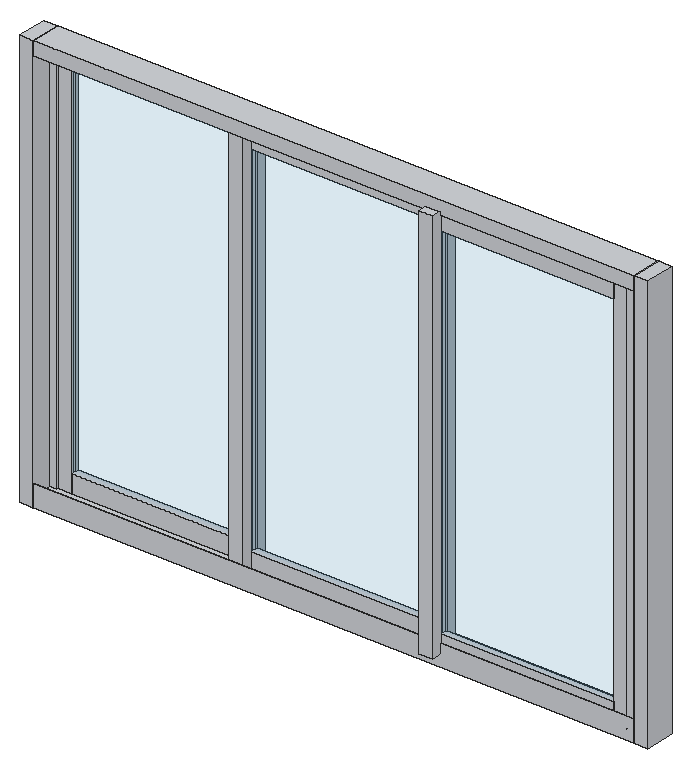
Revit family "Altitude® Sliding Window_SG&DG-OXX_XXO", category Windows, host Wall, Revit 2021 (continued)
Definition of nested family "DG Panel 1_APT42 APT19 APT20"
  Dimensions and locks
    aligned and locked: Extrusion 2 sketch curve to nested 1  (x12)
    aligned and locked: Extrusion 2 to plane 12
    aligned and locked: plane 5 to Extrusion 2
    aligned and locked: plane 12 to nested 2
    aligned and locked: plane 1 "Center (Front/Back)" to nested 2
    aligned and locked: plane 5 to nested 3
    aligned and locked: plane 1 "Center (Front/Back)" to nested 3
    aligned and locked: plane 8 to nested 5
    aligned and locked: nested 5 to plane 1 "Center (Front/Back)"
    aligned and locked: nested 4 to level
    aligned and locked: plane 1 "Center (Front/Back)" to nested 4
    aligned and locked: Masking region 2 sketch curve to nested 2  (x12)
    aligned and locked: Masking region 2 sketch curve to nested 3  (x12)
    aligned and locked: Extrusion 3 sketch curve to nested 2  (x12)
    aligned and locked: Extrusion 3 sketch curve to nested 3  (x12)
    aligned and locked: Masking region 3 sketch curve to nested 4  (x7)
    aligned and locked: Masking region 3 sketch curve to nested 5  (x7)
    aligned and locked: Extrusion 4 sketch curve to nested 5  (x4)
    aligned and locked: Extrusion 4 sketch curve to nested 4  (x4)
    aligned and locked: Extrusion 3 to level
    aligned and locked: plane 8 to Extrusion 3
    aligned and locked: Extrusion 4 to plane 12
    aligned and locked: plane 5 to Extrusion 4
  Automatic sketch dimensions
    Extrusion 1 sketch curve to plane 12 = 12.00 mm
    Extrusion 1 sketch curve to Extrusion 1 sketch curve = 1108.495 mm
    Masking region 1 sketch curve to plane 19 = 0.50 mm  (x2)
    plane 17 to Masking region 1 sketch curve = 5.50 mm
    plane 16 to Masking region 1 sketch curve = 0.50 mm
    Masking region 2 sketch curve to plane 4 = 0.00 mm
    Masking region 2 sketch curve to plane 12 = 0.00 mm  (x2)
    Masking region 2 sketch curve to plane 19 = 8.40 mm
    Masking region 2 sketch curve to plane 19 = 3.50 mm  (x2)
    plane 4 to Masking region 2 sketch curve = 25.00 mm  (x2)
    plane 16 to Masking region 2 sketch curve = 8.40 mm
    plane 19 to Masking region 2 sketch curve = 1.007 mm
    Masking region 2 sketch curve to plane 6 = 2.205 mm
    Masking region 2 sketch curve to plane 16 = 1.007 mm
    plane 16 to Masking region 2 sketch curve = 3.50 mm
    Masking region 2 sketch curve to plane 5 = 0.00 mm  (x2)
    Masking region 2 sketch curve to plane 13 = 0.00 mm
    plane 7 to Masking region 2 sketch curve = 2.20 mm
    plane 7 to Masking region 2 sketch curve = 6.10 mm
    Masking region 2 sketch curve to Masking region 2 sketch curve = 9.70 mm
    Masking region 2 sketch curve to plane 19 = 6.069 mm
    Masking region 2 sketch curve to Masking region 2 sketch curve = 4.458 mm
    Masking region 2 sketch curve to plane 19 = 1.90 mm
    plane 16 to Masking region 2 sketch curve = 1.899 mm
    Masking region 2 sketch curve to Masking region 2 sketch curve = 1.60 mm
    Extrusion 3 sketch curve to plane 4 = 0.00 mm
    Extrusion 3 sketch curve to plane 12 = 0.00 mm  (x2)
    Extrusion 3 sketch curve to plane 19 = 8.40 mm
    Extrusion 3 sketch curve to plane 19 = 3.50 mm  (x2)
    plane 4 to Extrusion 3 sketch curve = 25.00 mm  (x2)
    plane 16 to Extrusion 3 sketch curve = 8.40 mm
    plane 19 to Extrusion 3 sketch curve = 1.007 mm
    Extrusion 3 sketch curve to plane 6 = 2.205 mm
    Extrusion 3 sketch curve to plane 16 = 1.007 mm
    plane 16 to Extrusion 3 sketch curve = 3.50 mm
    Extrusion 3 sketch curve to plane 5 = 0.00 mm  (x2)
    Extrusion 3 sketch curve to plane 13 = 0.00 mm
    plane 7 to Extrusion 3 sketch curve = 2.20 mm
    plane 7 to Extrusion 3 sketch curve = 6.10 mm
    Extrusion 3 sketch curve to Extrusion 3 sketch curve = 9.70 mm
    Extrusion 3 sketch curve to plane 19 = 6.069 mm
    Extrusion 3 sketch curve to Extrusion 3 sketch curve = 4.458 mm
    Extrusion 3 sketch curve to plane 19 = 1.90 mm
    plane 16 to Extrusion 3 sketch curve = 1.899 mm
    Extrusion 3 sketch curve to Extrusion 3 sketch curve = 1.60 mm
    Masking region 3 sketch curve to plane 10 = 0.00 mm
    Masking region 3 sketch curve to plane 9 = 0.00 mm
  Nested families
    nested 1: "DG Midrail_SE12 SE16" at (0, 0, 612.819) x (0, -1, 0) z (1, 0, 0), type "DG Midrail_SE12 SE16", detail levels fine
    nested 2: "Jamb APT42 APT19" at (-529.495, 0, 0), type "Jamb APT42 APT19", detail levels fine
    nested 3: "Jamb APT20" at (555, 0, 0), type "Jamb APT20", detail levels fine
    nested 4: "Head & Sill APT25" at (0, 0, 60) x (0, -1, 0) z (1, 0, 0), type "Head & Sill APT25", detail levels fine
    nested 5: "Head & Sill APT25" at (0, 0, 1140) x (0, 1, 0) z (1, 0, 0), type "Head & Sill APT25", detail levels fine
  Definition of nested family "DG Midrail_SE12 SE16"
    Reference planes
      plane 1 "Center (Front/Back)": y = 0
      plane 2: z = 0
      plane 3 "Center (Left/Right)": x = 0
      plane 4: y = 26.068
      plane 5: y = -25.933
      plane 6: x = 22.4
      plane 7: x = -22.4
    Dimensions and locks
      aligned and locked: plane 3 "Center (Left/Right)" to import instance
      aligned and locked: plane 1 "Center (Front/Back)" to import instance
      aligned and locked: plane 7 to import instance
      aligned and locked: plane 6 to import instance
      aligned and locked: plane 5 to import instance
      aligned and locked: plane 4 to import instance
  Definition of nested family "Jamb APT42 APT19"
    Reference planes
      plane 1 "Center (Front/Back)": y = 0
      plane 2: z = 0
      plane 3 "Center (Left/Right)": x = 0
      plane 4: x = -14.205
      plane 5: x = -70.505
    Dimensions and locks
      aligned and locked: plane 1 "Center (Front/Back)" to import instance
      aligned and locked: plane 3 "Center (Left/Right)" to import instance
      aligned and locked: plane 5 to import instance
      aligned and locked: plane 4 to import instance
  Definition of nested family "Jamb APT20"
    Reference planes
      plane 1 "Center (Front/Back)": y = 0
      plane 2: z = 0
      plane 3 "Center (Left/Right)": x = 0
      plane 4: x = 14.2
    Dimensions and locks
      aligned and locked: plane 1 "Center (Front/Back)" to import instance
      aligned and locked: import instance to plane 3 "Center (Left/Right)"
      aligned and locked: plane 4 to import instance
  Definition of nested family "Head & Sill APT25"
    Reference planes
      plane 1 "Center (Front/Back)": y = 0
      plane 2: z = 0
      plane 3 "Center (Left/Right)": x = 0
      plane 4: y = 14.2
      plane 5: y = 60
    Dimensions and locks
      aligned and locked: plane 1 "Center (Front/Back)" to import instance
      aligned and locked: plane 3 "Center (Left/Right)" to import instance
      aligned and locked: plane 4 to import instance
Definition of nested family "DG Panel 3_APT42 APT20 APT21"
  Parameters (values of type "DG Panel 3_APT42 APT20 APT21")
    YEAR = "2022"  # constant formula
    Width = 0.00 mm  # constant formula
    Thickness Control [instance] = if(Double Glazing Thickness > 28.00 mm, 28.00 mm, if(Double Glazing Thickness < 18.00 mm, 18.00 mm, Double Glazing Thickness))  # 18.00 mm
    Thickness = 0.00 mm  # constant formula
    TODAYS DATE = "12/05/2022"  # constant formula
    Sill Off = 108.00 mm  # constant formula
    Sill = 120.00 mm  # constant formula
    Sash Width [instance] = 848.998 mm
    Sash Material [instance] = none
    Rough Width = 0.00 mm  # constant formula
    Rough Height = 0.00 mm  # constant formula
    Off DG Head and Sill = 12.00 mm  # constant formula
    Midrail Height [instance] = 500.00 mm
    Midrail [instance] = yes
    Height [instance] = 1200.00 mm
    Head Off = 68.00 mm  # constant formula
    Head & Sill DG Depth = 93.00 mm  # constant formula
    Head = 80.00 mm  # constant formula
    Glazing Material [instance] = none
    Double Glazing Thickness [instance] = 18.00 mm
    Double Glazed [instance] = no
    Define Thermal Properties by = 1
    Default Elevation = 1219.20 mm
    DG Off = 11.00 mm  # constant formula
    DG Jamb Width = 75.00 mm  # constant formula
    CREATOR = "Viraj Mhatre"  # constant formula
    COMPANY = "ALSPEC"  # constant formula
    Analytic Construction = "<None>"
    Air Pocket [instance] = 8.00 mm  # constant formula
  Reference planes
    plane 1 "Center (Front/Back)": y = 0
    plane 2: z = 0
    plane 3 "Center (Left/Right)": x = 0
    plane 4: x = -424.499
    plane 5: x = 379.499
    plane 6: x = -391.495
    plane 7: x = 391.499
    plane 8: z = 1200
    plane 9: z = 1140
    plane 10: z = 60
    plane 11: z = 900
    plane 12: x = -379.495
    plane 13: x = 424.499
    plane 14: z = 47
    plane 15: z = 1153
    plane 16: y = 9
    plane 17: y = 4
    plane 18: y = -4
    plane 19: y = -9
    plane 20: z = 500
  Forms (mm)
    Extrusion 1, solid, material <- "Glazing Material"
      sketch origin (0, 0, 0) x (1, 0, 0) y (0, 1, 0)
        loop
          line (-391.495, 9) -> (-391.495, 4) -> (391.499, 4) -> (391.499, 9) -> (-391.495, 9)
        loop
          line (-391.495, -4) -> (-391.495, -9) -> (391.499, -9) -> (391.499, -4) -> (-391.495, -4)
      from 47 to 1153
    Extrusion 2, solid, material <- "Sash Material", visible <- "Midrail"
      sketch origin (0, 0, 0) x (0, 1, 0) y (0, 0, 1)
        loop
          line (9.5, 525.933) -> (9.5, 518.932) -> (-9.182, 518.932) -> (-9.182, 525.933) -> (-22.4, 525.933) -> (-22.4, 473.932) -> (-9.5, 473.932) -> (-9.5, 480.932) -> (9.694, 480.932) -> (9.694, 474.067) -> (22.4, 474.067) -> (22.4, 525.933) -> (9.5, 525.933)
      from -379.495 to 379.499
    Extrusion 3, solid, material <- "Sash Material"
      sketch origin (0, 0, 0) x (0, 1, 0) y (0, 0, 1)
        loop
          line (12.5, 1200) -> (-12.5, 1200) -> (-12.5, 1140) -> (12.5, 1140) -> (12.5, 1200)
        loop
          line (12.5, 60) -> (-12.5, 60) -> (-12.5, 0) -> (12.5, 0) -> (12.5, 60)
      from -379.495 to 379.499
    Extrusion 4, solid, material <- "Sash Material"
      sketch origin (0, 0, 0) x (1, 0, 0) y (0, 1, 0)
        loop
          line (397.599, -19.506) -> (424.504, -19.506) -> (424.504, 45.514) -> (379.499, 45.514) -> (379.499, 10.914) -> (393.704, 10.914) -> (393.704, -10.886) -> (379.499, -10.886) -> (379.499, -12.486) -> (397.599, -12.486) -> (397.599, -19.506)
        loop
          line (-424.495, -12.499) -> (-379.495, -12.499) -> (-379.495, -10.899) -> (-393.695, -10.899) -> (-393.695, 10.9) -> (-379.495, 10.9) -> (-379.495, 12.5) -> (-407.295, 12.5) -> (-407.295, 15.069) -> (-397.595, 15.069) -> (-397.595, 19.528) -> (-424.495, 19.528) -> (-424.495, -12.499)
      from 0 to 1200
  Lines and regions (mm)
    Masking region 1
      outline origin (0, 0, 0) x (0, 1, 0) y (0, 0, 1)
        loop
          line (-22.4, 525.933) -> (-22.4, 473.932) -> (-9.5, 473.932) -> (-9.5, 480.932) -> (9.5, 480.932) -> (9.5, 473.932) -> (22.4, 473.932) -> (22.4, 525.933) -> (9.5, 525.933) -> (9.5, 518.932) -> (-9.5, 518.932) -> (-9.5, 525.933) -> (-22.4, 525.933)
    Masking region 2
      outline origin (0, 0, 0) x (1, 0, 0) y (0, 1, 0)
        loop
          line (397.599, -19.506) -> (424.504, -19.506) -> (424.504, 45.514) -> (379.499, 45.514) -> (379.499, 10.914) -> (393.704, 10.914) -> (393.704, -10.886) -> (379.499, -10.886) -> (379.499, -12.486) -> (397.599, -12.486) -> (397.599, -19.506)
        loop
          line (-424.495, -12.499) -> (-379.495, -12.499) -> (-379.495, -10.899) -> (-393.695, -10.899) -> (-393.695, 10.9) -> (-379.495, 10.9) -> (-379.495, 12.5) -> (-407.295, 12.5) -> (-407.295, 15.069) -> (-397.595, 15.069) -> (-397.595, 19.528) -> (-424.495, 19.528) -> (-424.495, -12.499)
    Masking region 3
      outline origin (0, 0, 0) x (0, 1, 0) y (0, 0, 1)
        loop
          line (-12.5, 0) -> (12.5, 0) -> (12.5, 60) -> (9.25, 60) -> (9.25, 47) -> (-9.25, 47) -> (-9.25, 60) -> (-12.5, 60) -> (-12.5, 0)
        loop
          line (12.5, 1200) -> (-12.5, 1200) -> (-12.5, 1140) -> (-9.25, 1140) -> (-9.25, 1153) -> (9.25, 1153) -> (9.25, 1140) -> (12.5, 1140) -> (12.5, 1200)
  Dimensions and locks
    equal spacing: plane 16, plane 1 "Center (Front/Back)", plane 19
    "Thickness Control": plane 16 to plane 19
    equal spacing: plane 17, plane 1 "Center (Front/Back)", plane 18
    "Air Pocket": plane 17 to plane 18
    "Midrail Height": plane 20 to level
    locked: plane 6 to plane 12 at 12
    locked: plane 5 to plane 7 at 12
    equal spacing: plane 4, plane 3 "Center (Left/Right)", plane 13
    "Sash Width": plane 4 to plane 13
    "Height": plane 8 to plane 2
    locked: plane 7 to plane 13 at 33
    locked: plane 14 to level at 47
    locked: plane 10 to plane 14 at 13
    plane 8 to plane 15 to plane 9 = 47.00 mm locked, 13.00 mm locked
    locked: plane 4 to plane 6 at 33.004
    aligned and locked: level to plane 2
    aligned and locked: Extrusion 1 sketch curve to plane 16
    aligned and locked: Extrusion 1 sketch curve to plane 17
    aligned and locked: Extrusion 1 sketch curve to plane 18
    aligned and locked: Extrusion 1 sketch curve to plane 19
    aligned and locked: Extrusion 1 sketch curve to Extrusion 1 sketch curve  (x2)
    aligned and locked: Extrusion 1 to plane 6
    aligned and locked: plane 7 to Extrusion 1
    aligned and locked: Extrusion 1 to plane 14
    aligned and locked: plane 15 to Extrusion 1
    aligned and locked: plane 20 to nested 1
    aligned and locked: plane 1 "Center (Front/Back)" to nested 1
    aligned and locked: Masking region 1 sketch curve to nested 1  (x6)
    aligned and locked: nested 1 to Masking region 1 sketch curve  (x2)
    aligned and locked: Extrusion 2 sketch curve to nested 1  (x12)
    aligned and locked: Extrusion 2 to plane 12
    aligned and locked: plane 5 to Extrusion 2
    aligned and locked: plane 8 to nested 3
    aligned and locked: nested 3 to plane 1 "Center (Front/Back)"
    aligned and locked: nested 2 to level
    aligned and locked: plane 1 "Center (Front/Back)" to nested 2
    aligned and locked: Masking region 3 sketch curve to nested 2  (x7)
    aligned and locked: Masking region 3 sketch curve to nested 3  (x7)
    aligned and locked: Extrusion 3 sketch curve to nested 3  (x4)
    aligned and locked: Extrusion 3 sketch curve to nested 2  (x4)
    aligned and locked: Extrusion 3 to plane 12
    aligned and locked: plane 5 to Extrusion 3
    aligned and locked: nested 4 to plane 5
    aligned and locked: nested 4 to plane 1 "Center (Front/Back)"
    aligned and locked: Masking region 2 sketch curve to nested 4  (x10)
    aligned and locked: Extrusion 4 sketch curve to nested 4  (x10)
    aligned and locked: Extrusion 4 to level
    aligned and locked: plane 8 to Extrusion 4
    aligned and locked: nested 5 to plane 12
    aligned and locked: nested 5 to plane 1 "Center (Front/Back)"
    aligned and locked: Masking region 2 sketch curve to nested 5  (x12)
    aligned and locked: Extrusion 4 sketch curve to nested 5  (x12)
  Automatic sketch dimensions
    Extrusion 1 sketch curve to plane 12 = 12.00 mm
    Extrusion 1 sketch curve to Extrusion 1 sketch curve = 782.994 mm
    Masking region 1 sketch curve to plane 19 = 0.50 mm  (x2)
    plane 17 to Masking region 1 sketch curve = 5.50 mm
    plane 16 to Masking region 1 sketch curve = 0.50 mm
    Masking region 3 sketch curve to plane 10 = 0.00 mm
    Masking region 3 sketch curve to plane 9 = 0.00 mm
    Masking region 2 sketch curve to plane 5 = 0.00 mm  (x2)
    plane 7 to Masking region 2 sketch curve = 2.205 mm
    Masking region 2 sketch curve to Masking region 2 sketch curve = 3.895 mm
    plane 13 to Masking region 2 sketch curve = 0.005 mm
    Masking region 2 sketch curve to plane 19 = 10.506 mm
    Masking region 2 sketch curve to Masking region 2 sketch curve = 1.60 mm
    Masking region 2 sketch curve to plane 19 = 1.886 mm
    plane 16 to Masking region 2 sketch curve = 1.914 mm
    plane 16 to Masking region 2 sketch curve = 36.514 mm
    Extrusion 4 sketch curve to plane 5 = 0.00 mm  (x2)
    plane 7 to Extrusion 4 sketch curve = 2.205 mm
    Extrusion 4 sketch curve to Extrusion 4 sketch curve = 3.895 mm
    plane 13 to Extrusion 4 sketch curve = 0.005 mm
    Extrusion 4 sketch curve to plane 19 = 10.506 mm
    Extrusion 4 sketch curve to Extrusion 4 sketch curve = 1.60 mm
    Extrusion 4 sketch curve to plane 19 = 1.886 mm
    plane 16 to Extrusion 4 sketch curve = 1.914 mm
    plane 16 to Extrusion 4 sketch curve = 36.514 mm
    Masking region 2 sketch curve to plane 12 = 0.00 mm  (x2)
    Masking region 2 sketch curve to plane 6 = 2.20 mm
    Masking region 2 sketch curve to plane 6 = 6.10 mm
    plane 16 to Masking region 2 sketch curve = 3.50 mm
    Masking region 2 sketch curve to Masking region 2 sketch curve = 9.70 mm
    plane 4 to Masking region 2 sketch curve = 0.004 mm
    Masking region 2 sketch curve to plane 19 = 3.499 mm
    Masking region 2 sketch curve to plane 19 = 1.899 mm
    plane 16 to Masking region 2 sketch curve = 1.90 mm
    Masking region 2 sketch curve to Masking region 2 sketch curve = 4.169 mm
    plane 16 to Masking region 2 sketch curve = 10.528 mm
    Extrusion 4 sketch curve to plane 12 = 0.00 mm  (x2)
    Extrusion 4 sketch curve to plane 6 = 2.20 mm
    Extrusion 4 sketch curve to plane 6 = 6.10 mm
    plane 16 to Extrusion 4 sketch curve = 3.50 mm
    Extrusion 4 sketch curve to Extrusion 4 sketch curve = 9.70 mm
    plane 4 to Extrusion 4 sketch curve = 0.004 mm
    Extrusion 4 sketch curve to plane 19 = 3.499 mm
    Extrusion 4 sketch curve to plane 19 = 1.899 mm
    plane 16 to Extrusion 4 sketch curve = 1.90 mm
    Extrusion 4 sketch curve to Extrusion 4 sketch curve = 4.169 mm
    plane 16 to Extrusion 4 sketch curve = 10.528 mm
  Nested families
    nested 1: "DG Midrail_SE12 SE16" at (0, 0, 500) x (0, -1, 0) z (1, 0, 0), type "DG Midrail_SE12 SE16", detail levels fine
    nested 2: "Head & Sill APT25" at (0, 0, 60) x (0, -1, 0) z (1, 0, 0), type "Head & Sill APT25", detail levels fine
    nested 3: "Head & Sill APT25" at (0, 0, 1140) x (0, 1, 0) z (1, 0, 0), type "Head & Sill APT25", detail levels fine
    nested 4: "Jamb APT21" at (379.499, 0, 0) x (-1, 0, 0) z (0, 0, 1), type "Jamb APT21", detail levels fine
    nested 5: "Jamb APT20" at (-379.495, 0, 0) x (-1, 0, 0) z (0, 0, 1), type "Jamb APT20", detail levels fine
  Definition of nested family "DG Midrail_SE12 SE16"
    Reference planes
      plane 1 "Center (Front/Back)": y = 0
      plane 2: z = 0
      plane 3 "Center (Left/Right)": x = 0
      plane 4: y = 26.068
      plane 5: y = -25.933
      plane 6: x = 22.4
      plane 7: x = -22.4
    Dimensions and locks
      aligned and locked: plane 3 "Center (Left/Right)" to import instance
      aligned and locked: plane 1 "Center (Front/Back)" to import instance
      aligned and locked: plane 7 to import instance
      aligned and locked: plane 6 to import instance
      aligned and locked: plane 5 to import instance
      aligned and locked: plane 4 to import instance
  Definition of nested family "Head & Sill APT25"
    Reference planes
      plane 1 "Center (Front/Back)": y = 0
      plane 2: z = 0
      plane 3 "Center (Left/Right)": x = 0
      plane 4: y = 14.2
      plane 5: y = 60
    Dimensions and locks
      aligned and locked: plane 1 "Center (Front/Back)" to import instance
      aligned and locked: plane 3 "Center (Left/Right)" to import instance
      aligned and locked: plane 4 to import instance
  Definition of nested family "Jamb APT21"
    Reference planes
      plane 1 "Center (Front/Back)": y = 0
      plane 2: z = 0
      plane 3 "Center (Left/Right)": x = 0
      plane 4: x = -14.205
      plane 5: x = -45.005
    Dimensions and locks
      aligned and locked: import instance to plane 1 "Center (Front/Back)"
      aligned and locked: plane 3 "Center (Left/Right)" to import instance
      aligned and locked: plane 5 to import instance
      aligned and locked: plane 4 to import instance
  Definition of nested family "Jamb APT20"
    Reference planes
      plane 1 "Center (Front/Back)": y = 0
      plane 2: z = 0
      plane 3 "Center (Left/Right)": x = 0
      plane 4: x = 14.2
    Dimensions and locks
      aligned and locked: plane 1 "Center (Front/Back)" to import instance
      aligned and locked: import instance to plane 3 "Center (Left/Right)"
      aligned and locked: plane 4 to import instance
Definition of nested family "DG Panel 2_APT42 APT19 APT21"
  Parameters (values of type "DG Panel 2_APT42 APT19 APT21")
    YEAR = "2022"  # constant formula
    Width = 0.00 mm  # constant formula
    Thickness Control [instance] = if(Double Glazing Thickness > 28.00 mm, 28.00 mm, if(Double Glazing Thickness < 18.00 mm, 18.00 mm, Double Glazing Thickness))  # 18.00 mm
    Thickness = 0.00 mm  # constant formula
    TODAYS DATE = "12/05/2022"  # constant formula
    Sill Off = 108.00 mm  # constant formula
    Sill = 120.00 mm  # constant formula
    Sash Width [instance] = 900.00 mm
    Sash Material [instance] = none
    Rough Width = 0.00 mm  # constant formula
    Rough Height = 0.00 mm  # constant formula
    Off DG Head and Sill = 12.00 mm  # constant formula
    Midrail Height [instance] = 500.00 mm
    Midrail [instance] = yes
    Height [instance] = 1200.00 mm
    Head Off = 68.00 mm  # constant formula
    Head & Sill DG Depth = 93.00 mm  # constant formula
    Head = 80.00 mm  # constant formula
    Glazing Material [instance] = none
    Double Glazing Thickness [instance] = 18.00 mm
    Double Glazed [instance] = no
    Define Thermal Properties by = 1
    Default Elevation = 1219.20 mm
    DG Off = 11.00 mm  # constant formula
    DG Jamb Width = 75.00 mm  # constant formula
    CREATOR = "Viraj Mhatre"  # constant formula
    COMPANY = "ALSPEC"  # constant formula
    Analytic Construction = "<None>"
    Air Pocket [instance] = 8.00 mm  # constant formula
  Reference planes
    plane 1 "Center (Front/Back)": y = 0
    plane 2: z = 0
    plane 3 "Center (Left/Right)": x = 0
    plane 4: x = -450
    plane 5: x = 405
    plane 6: x = -391.495
    plane 7: x = 417
    plane 8: z = 1200
    plane 9: z = 1140
    plane 10: z = 60
    plane 11: z = 900
    plane 12: x = -379.495
    plane 13: x = 450
    plane 14: z = 47
    plane 15: z = 1153
    plane 16: y = 9
    plane 17: y = 4
    plane 18: y = -4
    plane 19: y = -9
    plane 20: z = 500
  Forms (mm)
    Extrusion 1, solid, material <- "Glazing Material"
      sketch origin (0, 0, 0) x (1, 0, 0) y (0, 1, 0)
        loop
          line (-391.495, 9) -> (-391.495, 4) -> (417, 4) -> (417, 9) -> (-391.495, 9)
        loop
          line (-391.495, -4) -> (-391.495, -9) -> (417, -9) -> (417, -4) -> (-391.495, -4)
      from 47 to 1153
    Extrusion 2, solid, material <- "Sash Material", visible <- "Midrail"
      sketch origin (0, 0, 0) x (0, 1, 0) y (0, 0, 1)
        loop
          line (9.5, 525.933) -> (9.5, 518.932) -> (-9.182, 518.932) -> (-9.182, 525.933) -> (-22.4, 525.933) -> (-22.4, 473.932) -> (-9.5, 473.932) -> (-9.5, 480.932) -> (9.694, 480.932) -> (9.694, 474.067) -> (22.4, 474.067) -> (22.4, 525.933) -> (9.5, 525.933)
      from -379.495 to 405
    Extrusion 3, solid, material <- "Sash Material"
      sketch origin (0, 0, 0) x (0, 1, 0) y (0, 0, 1)
        loop
          line (12.5, 1200) -> (-12.5, 1200) -> (-12.5, 1140) -> (12.5, 1140) -> (12.5, 1200)
        loop
          line (12.5, 60) -> (-12.5, 60) -> (-12.5, 0) -> (12.5, 0) -> (12.5, 60)
      from -379.495 to 405
    Extrusion 4, solid, material <- "Sash Material"
      sketch origin (0, 0, 0) x (1, 0, 0) y (0, 1, 0)
        loop
          line (-450, -17.4) -> (-425, -17.4) -> (-425, -12.5) -> (-379.495, -12.5) -> (-379.495, -7.993) -> (-393.7, -7.993) -> (-393.7, 7.993) -> (-379.495, 7.993) -> (-379.495, 12.5) -> (-425, 12.5) -> (-425, 17.4) -> (-450, 17.4) -> (-450, -17.4)
        loop
          line (423.1, -19.506) -> (450.005, -19.506) -> (450.005, 45.514) -> (405, 45.514) -> (405, 10.914) -> (419.205, 10.914) -> (419.205, -10.886) -> (405, -10.886) -> (405, -12.486) -> (423.1, -12.486) -> (423.1, -19.506)
      from 0 to 1200
  Lines and regions (mm)
    Masking region 1
      outline origin (0, 0, 0) x (0, 1, 0) y (0, 0, 1)
        loop
          line (-22.4, 525.933) -> (-22.4, 473.932) -> (-9.5, 473.932) -> (-9.5, 480.932) -> (9.5, 480.932) -> (9.5, 473.932) -> (22.4, 473.932) -> (22.4, 525.933) -> (9.5, 525.933) -> (9.5, 518.932) -> (-9.5, 518.932) -> (-9.5, 525.933) -> (-22.4, 525.933)
    Masking region 2
      outline origin (0, 0, 0) x (1, 0, 0) y (0, 1, 0)
        loop
          line (-450, -17.4) -> (-425, -17.4) -> (-425, -12.5) -> (-379.495, -12.5) -> (-379.495, -7.993) -> (-393.7, -7.993) -> (-393.7, 7.993) -> (-379.495, 7.993) -> (-379.495, 12.5) -> (-425, 12.5) -> (-425, 17.4) -> (-450, 17.4) -> (-450, -17.4)
        loop
          line (423.1, -19.506) -> (450.005, -19.506) -> (450.005, 45.514) -> (405, 45.514) -> (405, 10.914) -> (419.205, 10.914) -> (419.205, -10.886) -> (405, -10.886) -> (405, -12.486) -> (423.1, -12.486) -> (423.1, -19.506)
    Masking region 3
      outline origin (0, 0, 0) x (0, 1, 0) y (0, 0, 1)
        loop
          line (-12.5, 0) -> (12.5, 0) -> (12.5, 60) -> (9.25, 60) -> (9.25, 47) -> (-9.25, 47) -> (-9.25, 60) -> (-12.5, 60) -> (-12.5, 0)
        loop
          line (12.5, 1200) -> (-12.5, 1200) -> (-12.5, 1140) -> (-9.25, 1140) -> (-9.25, 1153) -> (9.25, 1153) -> (9.25, 1140) -> (12.5, 1140) -> (12.5, 1200)
  Dimensions and locks
    equal spacing: plane 16, plane 1 "Center (Front/Back)", plane 19
    "Thickness Control": plane 16 to plane 19
    equal spacing: plane 17, plane 1 "Center (Front/Back)", plane 18
    "Air Pocket": plane 17 to plane 18
    "Midrail Height": plane 20 to level
    locked: plane 6 to plane 12 at 12
    locked: plane 5 to plane 7 at 12
    equal spacing: plane 4, plane 3 "Center (Left/Right)", plane 13
    "Sash Width": plane 4 to plane 13
    "Height": plane 8 to plane 2
    locked: plane 4 to plane 6 at 58.505
    locked: plane 7 to plane 13 at 33
    locked: plane 14 to level at 47
    locked: plane 10 to plane 14 at 13
    plane 8 to plane 15 to plane 9 = 47.00 mm locked, 13.00 mm locked
    aligned and locked: level to plane 2
    aligned and locked: Extrusion 1 sketch curve to plane 16
    aligned and locked: Extrusion 1 sketch curve to plane 17
    aligned and locked: Extrusion 1 sketch curve to plane 18
    aligned and locked: Extrusion 1 sketch curve to plane 19
    aligned and locked: Extrusion 1 sketch curve to Extrusion 1 sketch curve  (x2)
    aligned and locked: Extrusion 1 to plane 6
    aligned and locked: plane 7 to Extrusion 1
    aligned and locked: Extrusion 1 to plane 14
    aligned and locked: plane 15 to Extrusion 1
    aligned and locked: plane 20 to nested 1
    aligned and locked: plane 1 "Center (Front/Back)" to nested 1
    aligned and locked: Masking region 1 sketch curve to nested 1  (x6)
    aligned and locked: nested 1 to Masking region 1 sketch curve  (x2)
    aligned and locked: Extrusion 2 sketch curve to nested 1  (x12)
    aligned and locked: Extrusion 2 to plane 12
    aligned and locked: plane 5 to Extrusion 2
    aligned and locked: plane 12 to nested 2
    aligned and locked: plane 1 "Center (Front/Back)" to nested 2
    aligned and locked: plane 8 to nested 4
    aligned and locked: nested 4 to plane 1 "Center (Front/Back)"
    aligned and locked: nested 3 to level
    aligned and locked: plane 1 "Center (Front/Back)" to nested 3
    aligned and locked: Masking region 2 sketch curve to nested 2  (x12)
    aligned and locked: Masking region 3 sketch curve to nested 3  (x7)
    aligned and locked: Masking region 3 sketch curve to nested 4  (x7)
    aligned and locked: Extrusion 3 sketch curve to nested 4  (x4)
    aligned and locked: Extrusion 3 sketch curve to nested 3  (x4)
    aligned and locked: Extrusion 3 to plane 12
    aligned and locked: plane 5 to Extrusion 3
    aligned and locked: nested 5 to plane 5
    aligned and locked: nested 5 to plane 1 "Center (Front/Back)"
    aligned and locked: Masking region 2 sketch curve to nested 5  (x10)
    aligned and locked: Extrusion 4 sketch curve to nested 2  (x12)
    aligned and locked: Extrusion 4 sketch curve to nested 5  (x10)
    aligned and locked: Extrusion 4 to level
    aligned and locked: plane 8 to Extrusion 4
  Automatic sketch dimensions
    Extrusion 1 sketch curve to plane 12 = 12.00 mm
    Extrusion 1 sketch curve to Extrusion 1 sketch curve = 808.495 mm
    Masking region 1 sketch curve to plane 19 = 0.50 mm  (x2)
    plane 17 to Masking region 1 sketch curve = 5.50 mm
    plane 16 to Masking region 1 sketch curve = 0.50 mm
    Masking region 2 sketch curve to plane 4 = 0.00 mm
    Masking region 2 sketch curve to plane 12 = 0.00 mm  (x2)
    Masking region 2 sketch curve to plane 19 = 8.40 mm
    Masking region 2 sketch curve to plane 19 = 3.50 mm
    plane 4 to Masking region 2 sketch curve = 25.00 mm  (x2)
    plane 16 to Masking region 2 sketch curve = 8.40 mm
    plane 19 to Masking region 2 sketch curve = 1.007 mm
    Masking region 2 sketch curve to plane 6 = 2.205 mm
    Masking region 2 sketch curve to plane 16 = 1.007 mm
    plane 16 to Masking region 2 sketch curve = 3.50 mm
    Masking region 3 sketch curve to plane 10 = 0.00 mm
    Masking region 3 sketch curve to plane 9 = 0.00 mm
    Masking region 2 sketch curve to plane 5 = 0.00 mm  (x2)
    plane 7 to Masking region 2 sketch curve = 2.205 mm
    Masking region 2 sketch curve to Masking region 2 sketch curve = 3.895 mm
    plane 13 to Masking region 2 sketch curve = 0.005 mm
    Masking region 2 sketch curve to plane 19 = 10.506 mm
    Masking region 2 sketch curve to Masking region 2 sketch curve = 1.60 mm
    Masking region 2 sketch curve to plane 19 = 1.886 mm
    plane 16 to Masking region 2 sketch curve = 1.914 mm
    plane 16 to Masking region 2 sketch curve = 36.514 mm
    Extrusion 4 sketch curve to plane 4 = 0.00 mm
    Extrusion 4 sketch curve to plane 12 = 0.00 mm  (x2)
    Extrusion 4 sketch curve to plane 19 = 8.40 mm
    Extrusion 4 sketch curve to plane 19 = 3.50 mm
    plane 4 to Extrusion 4 sketch curve = 25.00 mm  (x2)
    plane 16 to Extrusion 4 sketch curve = 8.40 mm
    plane 19 to Extrusion 4 sketch curve = 1.007 mm
    Extrusion 4 sketch curve to plane 6 = 2.205 mm
    Extrusion 4 sketch curve to plane 16 = 1.007 mm
    plane 16 to Extrusion 4 sketch curve = 3.50 mm
    Extrusion 4 sketch curve to plane 5 = 0.00 mm  (x2)
    plane 7 to Extrusion 4 sketch curve = 2.205 mm
    Extrusion 4 sketch curve to Extrusion 4 sketch curve = 3.895 mm
    plane 13 to Extrusion 4 sketch curve = 0.005 mm
    Extrusion 4 sketch curve to plane 19 = 10.506 mm
    Extrusion 4 sketch curve to Extrusion 4 sketch curve = 1.60 mm
    Extrusion 4 sketch curve to plane 19 = 1.886 mm
    plane 16 to Extrusion 4 sketch curve = 1.914 mm
    plane 16 to Extrusion 4 sketch curve = 36.514 mm
  Nested families
    nested 1: "DG Midrail_SE12 SE16" at (0, 0, 500) x (0, -1, 0) z (1, 0, 0), type "DG Midrail_SE12 SE16", detail levels fine
    nested 2: "Jamb APT42 APT19" at (-379.495, 0, 0), type "Jamb APT42 APT19", detail levels fine
    nested 3: "Head & Sill APT25" at (0, 0, 60) x (0, -1, 0) z (1, 0, 0), type "Head & Sill APT25", detail levels fine
    nested 4: "Head & Sill APT25" at (0, 0, 1140) x (0, 1, 0) z (1, 0, 0), type "Head & Sill APT25", detail levels fine
    nested 5: "Jamb APT21" at (405, 0, 0) x (-1, 0, 0) z (0, 0, 1), type "Jamb APT21", detail levels fine
  Definition of nested family "DG Midrail_SE12 SE16"
    Reference planes
      plane 1 "Center (Front/Back)": y = 0
      plane 2: z = 0
      plane 3 "Center (Left/Right)": x = 0
      plane 4: y = 26.068
      plane 5: y = -25.933
      plane 6: x = 22.4
      plane 7: x = -22.4
    Dimensions and locks
      aligned and locked: plane 3 "Center (Left/Right)" to import instance
      aligned and locked: plane 1 "Center (Front/Back)" to import instance
      aligned and locked: plane 7 to import instance
      aligned and locked: plane 6 to import instance
      aligned and locked: plane 5 to import instance
      aligned and locked: plane 4 to import instance
  Definition of nested family "Jamb APT42 APT19"
    Reference planes
      plane 1 "Center (Front/Back)": y = 0
      plane 2: z = 0
      plane 3 "Center (Left/Right)": x = 0
      plane 4: x = -14.205
      plane 5: x = -70.505
    Dimensions and locks
      aligned and locked: plane 1 "Center (Front/Back)" to import instance
      aligned and locked: plane 3 "Center (Left/Right)" to import instance
      aligned and locked: plane 5 to import instance
      aligned and locked: plane 4 to import instance
  Definition of nested family "Head & Sill APT25"
    Reference planes
      plane 1 "Center (Front/Back)": y = 0
      plane 2: z = 0
      plane 3 "Center (Left/Right)": x = 0
      plane 4: y = 14.2
      plane 5: y = 60
    Dimensions and locks
      aligned and locked: plane 1 "Center (Front/Back)" to import instance
      aligned and locked: plane 3 "Center (Left/Right)" to import instance
      aligned and locked: plane 4 to import instance
  Definition of nested family "Jamb APT21"
    Reference planes
      plane 1 "Center (Front/Back)": y = 0
      plane 2: z = 0
      plane 3 "Center (Left/Right)": x = 0
      plane 4: x = -14.205
      plane 5: x = -45.005
    Dimensions and locks
      aligned and locked: import instance to plane 1 "Center (Front/Back)"
      aligned and locked: plane 3 "Center (Left/Right)" to import instance
      aligned and locked: plane 5 to import instance
      aligned and locked: plane 4 to import instance
Definition of nested family "DETAIL_ARROW2"
  Reference planes
    plane 1 "Center (Front/Back)": y = 0
    plane 2: z = 0
    plane 3 "Center (Left/Right)": x = 0
    plane 4: y = 0
    plane 5: y = 140.838
    plane 6: x = 0
    plane 7: y = 140.838
    plane 8: x = 98.638
  Lines and regions (mm)
    detail lines, in view "Ref. Level"
      curve 1: line (-50.444, 6.6, 0) -> (15.556, 6.6, 0)
      curve 2: line (-50.444, -6.6, 0) -> (15.556, -6.6, 0)
      curve 3: line (-50.444, -6.6, 0) -> (-50.444, 6.6, 0)
      curve 4: line (15.556, 6.6, 0) -> (0, 22.156, 0)
      curve 5: line (15.556, -6.6, 0) -> (0, -22.156, 0)
      curve 6: line (40.824, 0, 0) -> (9.334, -31.49, 0)
      curve 7: line (40.824, 0, 0) -> (9.334, 31.49, 0)
      curve 8: line (0, 22.156, 0) -> (9.334, 31.49, 0)
      curve 9: line (0, -22.156, 0) -> (9.334, -31.49, 0)
    detail lines, in view "Ref. Level", not visible
      curve 10: line (48.194, 147.438, 0) -> (114.194, 147.438, 0)
      curve 11: line (48.194, 134.238, 0) -> (114.194, 134.238, 0)
      curve 12: line (48.194, 134.238, 0) -> (48.194, 147.438, 0)
      curve 13: line (114.194, 147.438, 0) -> (98.638, 162.994, 0)
      curve 14: line (114.194, 134.238, 0) -> (98.638, 118.681, 0)
      curve 15: line (139.462, 140.838, 0) -> (107.972, 109.347, 0)
      curve 16: line (139.462, 140.838, 0) -> (107.972, 172.328, 0)
      curve 17: line (98.638, 162.994, 0) -> (107.972, 172.328, 0)
      curve 18: line (98.638, 118.681, 0) -> (107.972, 109.347, 0)
      curve 19: line (48.194, 147.438, 0) -> (114.194, 147.438, 0)
      curve 20: line (48.194, 134.238, 0) -> (114.194, 134.238, 0)
      curve 21: line (48.194, 134.238, 0) -> (48.194, 147.438, 0)
      curve 22: line (114.194, 147.438, 0) -> (98.638, 162.994, 0)
      curve 23: line (114.194, 134.238, 0) -> (98.638, 118.681, 0)
      curve 24: line (139.462, 140.838, 0) -> (107.972, 109.347, 0)
      curve 25: line (139.462, 140.838, 0) -> (107.972, 172.328, 0)
      curve 26: line (98.638, 162.994, 0) -> (107.972, 172.328, 0)
      curve 27: line (98.638, 118.681, 0) -> (107.972, 109.347, 0)
  Dimensions and locks
    aligned and locked: plane 4 to plane 1 "Center (Front/Back)"
    aligned and locked: plane 3 "Center (Left/Right)" to plane 6
Definition of nested family "DETAIL_ARROW"
  Reference planes
    plane 1 "Center (Front/Back)": y = 0
    plane 2: z = 0
    plane 3 "Center (Left/Right)": x = 0
  Lines and regions (mm)
    detail lines, in view "Ref. Level"
      curve 1: line (-50, 10, 0) -> (50, 10, 0)
      curve 2: line (-50, -10, 0) -> (50, -10, 0)
      curve 3: line (-50, -10, 0) -> (-50, 10, 0)
      curve 4: line (50, 10, 0) -> (26.43, 33.57, 0)
      curve 5: line (50, -10, 0) -> (26.43, -33.57, 0)
      curve 6: line (88.284, 0, 0) -> (40.572, -47.712, 0)
      curve 7: line (88.284, 0, 0) -> (40.572, 47.712, 0)
      curve 8: line (26.43, 33.57, 0) -> (40.572, 47.712, 0)
      curve 9: line (26.43, -33.57, 0) -> (40.572, -47.712, 0)
Definition of nested family "Ext Head APT2 APT5"
  Reference planes
    plane 1 "Center (Front/Back)": y = 0
    plane 2: z = 0
    plane 3 "Center (Left/Right)": x = 0
    plane 4: y = 35.5
    plane 5: y = -10.5
    plane 6: x = -50.8
    plane 7: x = 50.8
    plane 8: x = 33.4
    plane 9: x = -33.4
  Dimensions and locks
    aligned and locked: plane 1 "Center (Front/Back)" to import instance
    aligned and locked: plane 3 "Center (Left/Right)" to import instance
    aligned and locked: plane 8 to import instance
    aligned and locked: plane 9 to import instance
    aligned and locked: plane 6 to import instance
    aligned and locked: plane 7 to import instance
    aligned and locked: plane 4 to import instance
    aligned and locked: plane 5 to import instance
Definition of nested family "Ext Frame ME1 ME8"
  Reference planes
    plane 1 "Center (Front/Back)": y = 0
    plane 2: z = 0
    plane 3 "Center (Left/Right)": x = 0
    plane 4: y = 33.4
    plane 5: x = -44.5
  Dimensions and locks
    aligned and locked: plane 3 "Center (Left/Right)" to import instance
    aligned and locked: plane 1 "Center (Front/Back)" to import instance
    aligned and locked: plane 5 to import instance
    aligned and locked: plane 4 to import instance
Definition of nested family "Ext Sill APT29 APT15 APT8"
  Reference planes
    plane 1 "Center (Front/Back)": y = 0
    plane 2: z = 0
    plane 3 "Center (Left/Right)": x = 0
    plane 4: y = -35.5
    plane 5: x = 33.4
    plane 6: x = -33.4
  Dimensions and locks
    aligned and locked: import instance to plane 1 "Center (Front/Back)"
    aligned and locked: import instance to plane 3 "Center (Left/Right)"
    aligned and locked: plane 6 to import instance
    aligned and locked: plane 5 to import instance
    aligned and locked: plane 4 to import instance
Types (3, lengths in mm): name | URL | Overall Width | Offset | Midrail height | Midrail | Overall Height | Default Sill Height
  4L3R/3L4R | "WWW.ALSPEC.COM.AU" | 1900.80 | 10.00 | 705.466 | yes | 2100.00 | 0.00
  5L2R/2L5R | "https://www.alspec.com.au/altitude-sliding-window" | 2100.00 | 0.00 | 810.00 | no | 1400.00 | 1200.00
  OXX/XXO | "https://www.alspec.com.au/hawkesbury-commercial-multi-fold-door" | 2700.00 | 1800.00 | 810.00 | no | 1800.00 | 0.00
